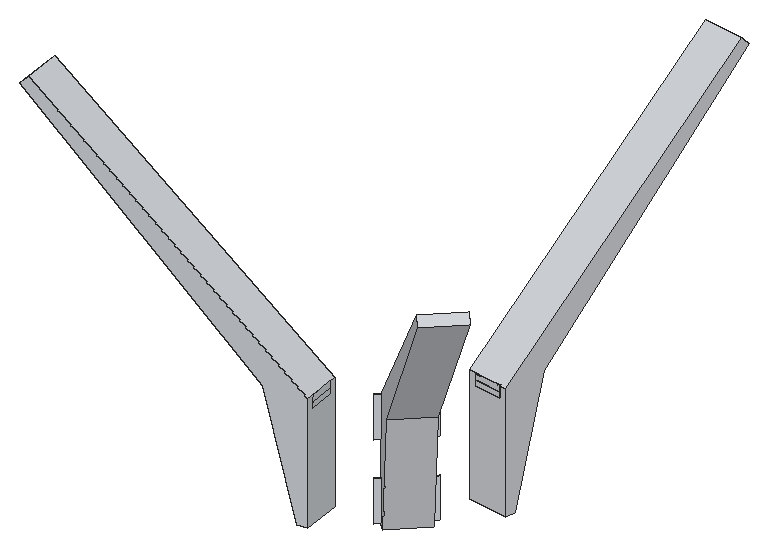
Revit family "Сборка насадок угол 75", category Специальное оборудование, Revit 2019
Family settings
  Размер круглого соединителя = Использовать диаметр
  Тип детали = Нормальный
  На основе рабочей плоскости = Нет
  Всегда вертикально = Да
  При загрузке вырезать с полостями = Нет
  Общий = Да
  Точка расчета площади = Нет
Parameters (values of type "На столбы 40x60")
  Ширина столба = 40 mm
  Центр насадки = Ширина столба / 2  # 20 mm
  Тип крепления насадок к столбам [instance] = 0
  Наружные насадки [instance] = yes
  Инструкция [instance] = "https://docs.google.com/document/d/1YU2zMc4EH5Wo240p8cADVhto8tMNmUbVgzn2qTnmTt8/edit?usp=sharing"
  Группа модели = "Насадки"  # constant formula
  Глубина столба = 60 mm
  ADSK_Наименование = "Сборка - угловые насадки"  # constant formula
Types (5, lengths in mm): name | Ширина столба | Центр насадки | Глубина столба
  (no name) | 40 | 20 | 60
  На столбы 40x60 | 40 | 20 | 60
  На столбы 60x60 | 60 | 30 | 60
  На столбы 60x80 | 60 | 30 | 80
  На столбы 80x80 | 80 | 40 | 80
Reference planes
  plane 1 "По центру (Вперед/Назад)": y = 0
  plane 2: z = 0
  plane 3 "По центру (Влево/Вправо)": x = 0
  plane 4: z = 0
  plane 5: through (38.258, 106.373, 1200) normal (0.9914, -0.1305, 0)
  plane 6: through (-2.271, -24.553, 1200) normal (0.1305, -0.9914, 0)
  plane 7: through (77.916, 101.152, 1200) normal (0.9914, -0.1305, 0)
  plane 8: through (0.82, 31.5, 1200) normal (0.1305, 0.9914, 0)
  plane 9: through (2.95, -64.21, 1200) normal (0.1305, -0.9914, 0)
  plane 10: through (-31.5, -0.82, 1200) normal (0.9914, 0.1305, 0)
  plane 11: y = 109.345
  plane 12: x = 29.345
  plane 13: x = 109
  plane 14: y = 29.345
  plane 15: x = -109.345
  plane 16: y = -29.345
  plane 17: y = -109
  plane 18: x = -29.345
  plane 19: through (8.651, 90.987, 1200) normal (0.1305, 0.9914, 0)
  plane 20: through (-90.987, -8.651, 1200) normal (0.9914, 0.1305, 0)
Dimensions and locks
  "Ширина столба": plane 9 to plane 6
  "Глубина столба": plane 8 to plane 19
  "Ширина столба": plane 5 to plane 7
  "Центр насадки": plane 5 to nested 1
  "Центр насадки": plane 9 to nested 2
  "Центр насадки": nested 16 to plane 5
  "Глубина столба": plane 20 to plane 10
  angle nested 1 to nested 2 = 105.00°
  aligned and locked: level to plane 2
  aligned and locked: nested 6 to nested 2
  aligned and locked: nested 7 to nested 1
  aligned and locked: nested 7 to nested 10  (x2)
  aligned and locked: nested 10 to nested 11  (x2)
  aligned and locked: nested 6 to nested 9
  aligned and locked: nested 8 to nested 9  (x2)
  aligned and locked: nested 9 to nested 17
  aligned and locked: nested 10 to nested 16
  aligned and locked: nested 16 to nested 10  (x2)
  aligned and locked: nested 18 to nested 12
  aligned and locked: nested 1 to plane 19
  aligned and locked: plane 20 to nested 2
  aligned and locked: plane 20 to nested 17
  aligned and locked: nested 16 to plane 19
  aligned and locked: nested 7 to plane 19
  aligned and locked: nested 11 to nested 10
  aligned and locked: nested 9 to nested 2
  aligned and locked: nested 17 to nested 2
Nested families
  nested 1: "В_Насадка L" at (55.591, 84.807, -175) x (0.9914, -0.1305, 0) z (0, 0, 1), visible <- "Наружные насадки", ADSK_Комплект <- "Группа модели", type "Насадка"
    with Насадка L ус 510 yes, ADSK_Обозначение "", ADSK_Наименование "Насадка L ус 510", ADSK_Масса 1.17, ADSK_Комплект "Насадки", ADSK_Код изделия "8928", ADSK_Завод-изготовитель "FENSYS", ADSK_Единица измерения "шт."
  nested 2: "В_Насадка L" at (-84.807, -55.591, -175) x (-0.1305, 0.9914, 0) z (0, 0, 1), visible <- "Наружные насадки", ADSK_Комплект <- "Группа модели", type "Насадка"
    with Насадка L ус 510 yes, ADSK_Обозначение "", ADSK_Наименование "Насадка L ус 510", ADSK_Масса 1.17, ADSK_Комплект "Насадки", ADSK_Код изделия "8928", ADSK_Завод-изготовитель "FENSYS", ADSK_Единица измерения "шт."
  nested 3: "В_Угловая скоба" at (0.707, -0.707, 0) x (0.7071, 0.7071, 0) z (0, 0, 1), ADSK_Комплект <- "Группа модели", type "Угловая скоба"
    with S 79 mm, ADSK_Комплект "Насадки"
  nested 4: "В_Насадка L" at (69.172, 109.345, -175), visible <- "Наружные насадки", ADSK_Комплект <- "Группа модели", type "Насадка", not visible
    with Насадка L ус 510 yes, ADSK_Обозначение "", ADSK_Наименование "Насадка L ус 510", ADSK_Масса 1.17, ADSK_Комплект "Насадки", ADSK_Код изделия "8928", ADSK_Завод-изготовитель "FENSYS", ADSK_Единица измерения "шт."
  nested 5: "В_Насадка L" at (-109.345, -69.172, -175) x (0, 1, 0) z (0, 0, 1), visible <- "Наружные насадки", ADSK_Комплект <- "Группа модели", type "Насадка", not visible
    with Насадка L ус 510 yes, ADSK_Обозначение "", ADSK_Наименование "Насадка L ус 510", ADSK_Масса 1.17, ADSK_Комплект "Насадки", ADSK_Код изделия "8928", ADSK_Завод-изготовитель "FENSYS", ADSK_Единица измерения "шт."
  nested 6: "В_Крепеж" at (-87.285, -55.918, -4.311) x (0.1305, -0.9914, 0) z (0, 0, 1), Тип крепежа <- "Тип крепления насадок к столбам", visible <- "Наружные насадки", ADSK_Комплект <- "Группа модели", type "Крепеж"
    with Ширина столба 0 mm, Тип крепежа 0, Путь к таблице "Таблица крепежей", Видимость метизов yes, Y насадка no, ADSK_Обозначение "Крепеж", ADSK_Наименование "Хомут специальный 80", ADSK_Комплект "Насадки", ADSK_Количество 1, ADSK_Код изделия "15515К"
  nested 7: "В_Крепеж" at (55.918, 87.285, -4.311) x (-0.9914, 0.1305, 0) z (0, 0, 1), Тип крепежа <- "Тип крепления насадок к столбам", visible <- "Наружные насадки", ADSK_Комплект <- "Группа модели", type "Крепеж"
    with Ширина столба 0 mm, Тип крепежа 0, Путь к таблице "Таблица крепежей", Видимость метизов yes, Y насадка no, ADSK_Обозначение "Крепеж", ADSK_Наименование "Хомут специальный 80", ADSK_Комплект "Насадки", ADSK_Количество 1, ADSK_Код изделия "15515К"
  nested 8: "В_Крепеж" at (-97.2, -57.223, -4.311) x (0.1305, -0.9914, 0) z (0, 0, 1), visible <- "Наружные насадки", ADSK_Комплект <- "Группа модели", type "Крепеж"
    with Ширина столба 0 mm, Тип крепежа 5, Путь к таблице "Таблица крепежей", Видимость метизов no, Y насадка no, ADSK_Обозначение "Крепеж", ADSK_Наименование "Комплект крепления СББ/ПББ к насадке (Болт М6х25 DIN 933 оц - 4 шт., Зажим для крепления струны/проволоки - 4 шт., Шайба D6 DIN 125 оц. - 8 шт.,  Гайка М6 кл.8.0 DIN 934 оц. - 4 шт.)", ADSK_Комплект "Насадки", ADSK_Количество 1, ADSK_Код изделия "8927"
  nested 9: "В_Крепеж" at (-92.243, -56.57, -4.311) x (0.1305, -0.9914, 0) z (0, 0, 1), visible <- "Наружные насадки", ADSK_Комплект <- "Группа модели", type "Крепеж"
    with Ширина столба 0 mm, Тип крепежа 5, Путь к таблице "Таблица крепежей", Видимость метизов no, Y насадка no, ADSK_Обозначение "Крепеж", ADSK_Наименование "Комплект крепления СББ/ПББ к насадке (Болт М6х25 DIN 933 оц - 4 шт., Зажим для крепления струны/проволоки - 4 шт., Шайба D6 DIN 125 оц. - 8 шт.,  Гайка М6 кл.8.0 DIN 934 оц. - 4 шт.)", ADSK_Комплект "Насадки", ADSK_Количество 1, ADSK_Код изделия "8927"
  nested 10: "В_Крепеж" at (56.57, 92.243, -4.311) x (-0.9914, 0.1305, 0) z (0, 0, 1), visible <- "Наружные насадки", ADSK_Комплект <- "Группа модели", type "Крепеж"
    with Ширина столба 0 mm, Тип крепежа 5, Путь к таблице "Таблица крепежей", Видимость метизов no, Y насадка no, ADSK_Обозначение "Крепеж", ADSK_Наименование "Комплект крепления СББ/ПББ к насадке (Болт М6х25 DIN 933 оц - 4 шт., Зажим для крепления струны/проволоки - 4 шт., Шайба D6 DIN 125 оц. - 8 шт.,  Гайка М6 кл.8.0 DIN 934 оц. - 4 шт.)", ADSK_Комплект "Насадки", ADSK_Количество 1, ADSK_Код изделия "8927"
  nested 11: "В_Крепеж" at (57.223, 97.2, -4.311) x (-0.9914, 0.1305, 0) z (0, 0, 1), visible <- "Наружные насадки", ADSK_Комплект <- "Группа модели", type "Крепеж"
    with Ширина столба 0 mm, Тип крепежа 5, Путь к таблице "Таблица крепежей", Видимость метизов no, Y насадка no, ADSK_Обозначение "Крепеж", ADSK_Наименование "Комплект крепления СББ/ПББ к насадке (Болт М6х25 DIN 933 оц - 4 шт., Зажим для крепления струны/проволоки - 4 шт., Шайба D6 DIN 125 оц. - 8 шт.,  Гайка М6 кл.8.0 DIN 934 оц. - 4 шт.)", ADSK_Комплект "Насадки", ADSK_Количество 1, ADSK_Код изделия "8927"
  nested 12: "В_Насадка L" at (1.414, -1.414, -175) x (-0.7071, -0.7071, 0) z (0, 0, 1), ADSK_Комплект <- "Группа модели", type "Насадка"
    with Насадка L ус 510 yes, ADSK_Обозначение "", ADSK_Наименование "Насадка L ус 510", ADSK_Масса 1.17, ADSK_Комплект "Насадки", ADSK_Код изделия "8928", ADSK_Завод-изготовитель "FENSYS", ADSK_Единица измерения "шт."
  nested 13: "В_Крепеж" at (10.253, -10.253, -4.311) x (-0.7071, -0.7071, 0) z (0, 0, 1), ADSK_Комплект <- "Группа модели", type "Крепеж"
    with Ширина столба 0 mm, Тип крепежа 5, Путь к таблице "Таблица крепежей", Видимость метизов no, Y насадка no, ADSK_Обозначение "Крепеж", ADSK_Наименование "Комплект крепления СББ/ПББ к насадке (Болт М6х25 DIN 933 оц - 4 шт., Зажим для крепления струны/проволоки - 4 шт., Шайба D6 DIN 125 оц. - 8 шт.,  Гайка М6 кл.8.0 DIN 934 оц. - 4 шт.)", ADSK_Комплект "Насадки", ADSK_Количество 1, ADSK_Код изделия "8927"
  nested 14: "В_Крепеж" at (6.718, -6.718, -4.311) x (-0.7071, -0.7071, 0) z (0, 0, 1), ADSK_Комплект <- "Группа модели", type "Крепеж"
    with Ширина столба 0 mm, Тип крепежа 5, Путь к таблице "Таблица крепежей", Видимость метизов no, Y насадка no, ADSK_Обозначение "Крепеж", ADSK_Наименование "Комплект крепления СББ/ПББ к насадке (Болт М6х25 DIN 933 оц - 4 шт., Зажим для крепления струны/проволоки - 4 шт., Шайба D6 DIN 125 оц. - 8 шт.,  Гайка М6 кл.8.0 DIN 934 оц. - 4 шт.)", ADSK_Комплект "Насадки", ADSK_Количество 1, ADSK_Код изделия "8927"
  nested 15: "В_Метизы" at (-3.035, -3.035, 0) x (0.7071, 0.7071, 0) z (0, 0, 1), ADSK_Комплект <- "Группа модели", type "Метизы"
    with Тип крепежа 6, Путь к таблице "Таблица метизов", ADSK_Наименование "ГАЙКА M8 DIN 934 оц. - 4 шт.", ADSK_Комплект "Насадки", ADSK_Количество 1, ADSK_Код изделия "3562"
  nested 16: "В_Крепеж" at (55.918, 87.285, -12.934) x (-0.9914, 0.1305, 0) z (0, 0, 1), Тип крепежа <- "Тип крепления насадок к столбам", visible <- "Наружные насадки", ADSK_Комплект <- "Группа модели", type "Крепеж"
    with Ширина столба 0 mm, Тип крепежа 0, Путь к таблице "Таблица крепежей", Видимость метизов yes, Y насадка no, ADSK_Обозначение "Крепеж", ADSK_Наименование "Хомут специальный 80", ADSK_Комплект "Насадки", ADSK_Количество 1, ADSK_Код изделия "15515К"
  nested 17: "В_Крепеж" at (-87.285, -55.918, -12.934) x (0.1305, -0.9914, 0) z (0, 0, 1), Тип крепежа <- "Тип крепления насадок к столбам", visible <- "Наружные насадки", ADSK_Комплект <- "Группа модели", type "Крепеж"
    with Ширина столба 0 mm, Тип крепежа 0, Путь к таблице "Таблица крепежей", Видимость метизов yes, Y насадка no, ADSK_Обозначение "Крепеж", ADSK_Наименование "Хомут специальный 80", ADSK_Комплект "Насадки", ADSK_Количество 1, ADSK_Код изделия "15515К"
  nested 18: "В_Угловая скоба" at (0.707, -0.707, -114.266) x (0.7071, 0.7071, 0) z (0, 0, 1), ADSK_Комплект <- "Группа модели", type "Угловая скоба"
    with S 79 mm, ADSK_Комплект "Насадки"
  nested 19: "В_Метизы" at (-3.767, -3.767, 0) x (0.7071, 0.7071, 0) z (0, 0, 1), ADSK_Комплект <- "Группа модели", type "Метизы"
    with Тип крепежа 2, Путь к таблице "Таблица метизов", ADSK_Наименование "Комплект метизов «В» для крепления скобы из нержавеющей стали (Винт М8х30 ISO 7380 А2   - 4 шт., Шайба D8 DIN 125 А2-70 - 4 шт.,Шайба 8 DIN 127 нерж.)", ADSK_Комплект "Насадки", ADSK_Количество 1, ADSK_Код изделия "8923"
  nested 20: "В_Метизы" at (-4.189, -4.189, 0) x (0.7071, 0.7071, 0) z (0, 0, 1), ADSK_Комплект <- "Группа модели", type "Метизы"
    with Тип крепежа 6, Путь к таблице "Таблица метизов", ADSK_Наименование "ГАЙКА M8 DIN 934 оц. - 4 шт.", ADSK_Комплект "Насадки", ADSK_Количество 1, ADSK_Код изделия "3562"
  nested 21: "В_Метизы" at (-8.36, -8.36, 0) x (0.7071, 0.7071, 0) z (0, 0, 1), ADSK_Комплект <- "Группа модели", type "Метизы"
    with Тип крепежа 2, Путь к таблице "Таблица метизов", ADSK_Наименование "Комплект метизов «В» для крепления скобы из нержавеющей стали (Винт М8х30 ISO 7380 А2   - 4 шт., Шайба D8 DIN 125 А2-70 - 4 шт.,Шайба 8 DIN 127 нерж.)", ADSK_Комплект "Насадки", ADSK_Количество 1, ADSK_Код изделия "8923"
  nested 22: "В_Метизы" at (-84.675, -75.746, -4.311) x (0.1305, -0.9914, 0) z (0, 0, 1), type "Метизы"
    with Тип крепежа 0, Путь к таблице "Таблица метизов", ADSK_Наименование "Комплект крепежных элементов для хомута", ADSK_Комплект "Насадки", ADSK_Количество 1, ADSK_Код изделия "8920"
  nested 23: "В_Метизы" at (36.089, 89.896, -4.311) x (-0.9914, 0.1305, 0) z (0, 0, 1), type "Метизы"
    with Тип крепежа 0, Путь к таблице "Таблица метизов", ADSK_Наименование "Комплект крепежных элементов для хомута", ADSK_Комплект "Насадки", ADSK_Количество 1, ADSK_Код изделия "8920"
  nested 24: "В_Метизы" at (36.089, 89.896, -12.934) x (-0.9914, 0.1305, 0) z (0, 0, 1), type "Метизы"
    with Тип крепежа 0, Путь к таблице "Таблица метизов", ADSK_Наименование "Комплект крепежных элементов для хомута", ADSK_Комплект "Насадки", ADSK_Количество 1, ADSK_Код изделия "8920"
  nested 25: "В_Метизы" at (-84.675, -75.746, -12.934) x (0.1305, -0.9914, 0) z (0, 0, 1), type "Метизы"
    with Тип крепежа 0, Путь к таблице "Таблица метизов", ADSK_Наименование "Комплект крепежных элементов для хомута", ADSK_Комплект "Насадки", ADSK_Количество 1, ADSK_Код изделия "8920"
  nested 26: "В_Крепеж" at (89.28, 98.649, -4.311) x (-0.9659, 0.2588, 0) z (0, 0, 1), Тип крепежа <- "Тип крепления насадок к столбам", visible <- "Наружные насадки", ADSK_Комплект <- "Группа модели", type "Крепеж", not visible
    with Ширина столба 0 mm, Тип крепежа 0, Путь к таблице "Таблица крепежей", Видимость метизов yes, Y насадка no, ADSK_Обозначение "Крепеж", ADSK_Наименование "Хомут специальный 80", ADSK_Комплект "Насадки", ADSK_Количество 1, ADSK_Код изделия "15515К"
  nested 27: "В_Крепеж" at (90.574, 103.479, -4.311) x (-0.9659, 0.2588, 0) z (0, 0, 1), visible <- "Наружные насадки", ADSK_Комплект <- "Группа модели", type "Крепеж", not visible
    with Ширина столба 0 mm, Тип крепежа 5, Путь к таблице "Таблица крепежей", Видимость метизов no, Y насадка no, ADSK_Обозначение "Крепеж", ADSK_Наименование "Комплект крепления СББ/ПББ к насадке (Болт М6х25 DIN 933 оц - 4 шт., Зажим для крепления струны/проволоки - 4 шт., Шайба D6 DIN 125 оц. - 8 шт.,  Гайка М6 кл.8.0 DIN 934 оц. - 4 шт.)", ADSK_Комплект "Насадки", ADSK_Количество 1, ADSK_Код изделия "8927"
  nested 28: "В_Крепеж" at (91.868, 108.309, -4.311) x (-0.9659, 0.2588, 0) z (0, 0, 1), visible <- "Наружные насадки", ADSK_Комплект <- "Группа модели", type "Крепеж", not visible
    with Ширина столба 0 mm, Тип крепежа 5, Путь к таблице "Таблица крепежей", Видимость метизов no, Y насадка no, ADSK_Обозначение "Крепеж", ADSK_Наименование "Комплект крепления СББ/ПББ к насадке (Болт М6х25 DIN 933 оц - 4 шт., Зажим для крепления струны/проволоки - 4 шт., Шайба D6 DIN 125 оц. - 8 шт.,  Гайка М6 кл.8.0 DIN 934 оц. - 4 шт.)", ADSK_Комплект "Насадки", ADSK_Количество 1, ADSK_Код изделия "8927"
  nested 29: "В_Крепеж" at (89.28, 98.649, -4.311) x (-0.9659, 0.2588, 0) z (0, 0, 1), Тип крепежа <- "Тип крепления насадок к столбам", visible <- "Наружные насадки", ADSK_Комплект <- "Группа модели", type "Крепеж", not visible
    with Ширина столба 0 mm, Тип крепежа 0, Путь к таблице "Таблица крепежей", Видимость метизов yes, Y насадка no, ADSK_Обозначение "Крепеж", ADSK_Наименование "Хомут специальный 80", ADSK_Комплект "Насадки", ADSK_Количество 1, ADSK_Код изделия "15515К"
  nested 30: "В_Метизы" at (69.961, 103.826, -4.311) x (-0.9659, 0.2588, 0) z (0, 0, 1), type "Метизы", not visible
    with Тип крепежа 0, Путь к таблице "Таблица метизов", ADSK_Наименование "Комплект крепежных элементов для хомута", ADSK_Комплект "Насадки", ADSK_Количество 1, ADSK_Код изделия "8920"
  nested 31: "В_Метизы" at (69.961, 103.826, -4.311) x (-0.9659, 0.2588, 0) z (0, 0, 1), type "Метизы", not visible
    with Тип крепежа 0, Путь к таблице "Таблица метизов", ADSK_Наименование "Комплект крепежных элементов для хомута", ADSK_Комплект "Насадки", ADSK_Количество 1, ADSK_Код изделия "8920"
Definition of nested family "В_Насадка L"
  Parameters (values of type "Насадка")
    Насадка L ус 510 [instance] = no
    URL = "https://www.fensys.ru/produkciya/elementy-usileniya.html"
    ADSK_Обозначение [instance] = ""
    ADSK_Наименование [instance] = if(Насадка L ус 510, "Насадка L ус 510", "Насадка L ус 325")  # "Насадка L ус 325"
    ADSK_Масса [instance] = if(Насадка L ус 510, 1.17, 0.82)  # 0.82
    ADSK_Комплект [instance] = ""
    ADSK_Количество = 1
    ADSK_Код изделия [instance] = if(Насадка L ус 510, "8928", "8938")  # "8938"
    ADSK_Завод-изготовитель [instance] = "FENSYS"  # constant formula
    ADSK_Единица измерения [instance] = "шт."  # constant formula
  Reference planes
    plane 1 "По центру (Вперед/Назад)": y = 0
    plane 2: z = 0
    plane 3 "По центру (Влево/Вправо)": x = 0
  Forms (mm)
    Extrusion 1, solid
      sketch origin (0, 0, 0) x (0, 1, 0) y (0, 0, 1)
        loop
          line (0, 0) -> (15, 0) -> (61.891, 175) -> (398.002, 488.686) -> (386.689, 500) -> (0, 175) -> (0, 0)
      from -30.5 to 30.5
  Dimensions and locks
    Extrusion 1 sketch curve to Extrusion 1 sketch curve = 175 mm
    Extrusion 1 sketch curve to Extrusion 1 sketch curve = 15 mm
    equal spacing: Extrusion 1, plane 3 "По центру (Влево/Вправо)", Extrusion 1
    locked: Extrusion 1 to Extrusion 1 at 61
    aligned and locked: level to plane 2
    aligned and locked: plane 1 "По центру (Вперед/Назад)" to Extrusion 1  (x2)
    aligned and locked: Extrusion 1 to level
  Automatic sketch dimensions
    Extrusion 1 sketch curve to plane 1 "По центру (Вперед/Назад)" = 0 mm
    Extrusion 1 sketch curve to level = 0 mm
    Extrusion 1 sketch curve to plane 1 "По центру (Вперед/Назад)" = 61.891 mm
    Extrusion 1 sketch curve to Extrusion 1 sketch curve = 0 mm
    Extrusion 1 sketch curve to Extrusion 1 sketch curve = 325 mm
    Extrusion 1 sketch curve to Extrusion 1 sketch curve = 11.314 mm  (x2)
    Extrusion 1 sketch curve to plane 1 "По центру (Вперед/Назад)" = 386.689 mm
Definition of nested family "В_Угловая скоба"
  Parameters (values of type "Угловая скоба")
    Model = ""
    S [instance] = 83 mm
    ADSK_Обозначение = "Крепеж окрашеный"  # constant formula
    ADSK_Наименование = "Скоба угловая для крепления насадки"  # constant formula
    ADSK_Комплект [instance] = ""
    ADSK_Количество = 1
    ADSK_Код изделия = "15293"  # constant formula
    ADSK_Завод-изготовитель = "FENSYS"  # constant formula
    ADSK_Единица измерения = "шт."  # constant formula
  Reference planes
    plane 1 "По центру (Вперед/Назад)": y = 0
    plane 2: z = 0
    plane 3 "По центру (Влево/Вправо)": x = 0
  Forms (mm)
    Extrusion 1, solid
      sketch origin (0, 0, 0) x (1, 0, 0) y (0, 1, 0)
        loop
          line (-41.5, 1) -> (-41.5, -1) -> (41.5, -1) -> (41.5, 1) -> (-41.5, 1)
      from -60.734 to 0
  Dimensions and locks
    equal spacing: Extrusion 1, plane 3 "По центру (Влево/Вправо)", Extrusion 1
    "S": Extrusion 1 to Extrusion 1
    aligned and locked: level to plane 2
  Automatic sketch dimensions
    Extrusion 1 sketch curve to plane 1 "По центру (Вперед/Назад)" = 1 mm
    Extrusion 1 sketch curve to plane 3 "По центру (Влево/Вправо)" = 41.5 mm
    plane 3 "По центру (Влево/Вправо)" to Extrusion 1 sketch curve = 41.5 mm
    plane 1 "По центру (Вперед/Назад)" to Extrusion 1 sketch curve = 1 mm
Definition of nested family "В_Крепеж"
  Parameters (values of type "Крепеж")
    Ширина столба [instance] = 0 mm
    Тип крепежа [instance] = 0
    Путь к таблице [instance] = "Таблица крепежей"  # constant formula
    Manufacturer = [ADSK_Завод-изготовитель]  # "FENSYS"
    Model = ""
    Видимость метизов [instance] = not(Тип крепежа = 5)  # yes
    Y насадка [instance] = yes
    URL = "https://www.fensys.ru/produkciya/krepyozh.html"
    ADSK_Обозначение [instance] = "Крепеж"  # constant formula
    ADSK_Наименование [instance] = size_lookup(Путь к таблице, "", "Не найдено", Тип крепежа)  # "Хомут специальный 80"
    ADSK_Комплект [instance] = ""
    ADSK_Количество [instance] = 1  # constant formula
    ADSK_Код изделия [instance] = size_lookup(Путь к таблице, "ADSK_Код изделия", "Не найдено", Тип крепежа)  # "15515К"
    ADSK_Завод-изготовитель = "FENSYS"  # constant formula
    ADSK_Единица измерения = "шт."  # constant formula
  Reference planes
    plane 1 "По центру (Вперед/Назад)": y = 0
    plane 2: z = 0
    plane 3 "По центру (Влево/Вправо)": x = 0
    plane 4: z = 0
  Forms (mm)
    Extrusion 1, solid
      sketch origin (0, -3, 0) x (1, 0, 0) y (0, 1, 0)
        loop
          line (-20, 5.5) -> (-20, 0.5) -> (20, 0.5) -> (20, 5.5) -> (-20, 5.5)
      from -4.311 to 4.311
  Dimensions and locks
    locked: Extrusion 1 sketch curve to Extrusion 1 sketch curve at 5
    locked: Extrusion 1 sketch curve to Extrusion 1 sketch curve at 40
    aligned and locked: level to plane 2
  Nested families
    nested 1: "В_Метизы" at (20, 0, 0), Тип крепежа <- "Тип крепежа", ADSK_Комплект <- "ADSK_Комплект", visible <- "Видимость метизов", type "Метизы"
      with Тип крепежа 0, Путь к таблице "Таблица метизов", ADSK_Наименование "Комплект крепежных элементов для хомута", ADSK_Комплект "", ADSK_Количество 1, ADSK_Код изделия "8920"
    nested 2: "В_Метизы" at (-20, 0, 0), visible <- "Y насадка", Тип крепежа <- "Тип крепежа", ADSK_Комплект <- "ADSK_Комплект", type "Метизы"
      with Тип крепежа 0, Путь к таблице "Таблица метизов", ADSK_Наименование "Комплект крепежных элементов для хомута", ADSK_Комплект "", ADSK_Количество 1, ADSK_Код изделия "8920"
  Definition of nested family "В_Метизы"
    Parameters (values of type "Метизы")
      Тип крепежа [instance] = 1
      Путь к таблице [instance] = "Таблица метизов"  # constant formula
      Manufacturer = [ADSK_Завод-изготовитель]  # "FENSYS"
      URL = "https://www.fensys.ru/produkciya/krepyozh.html"
      ADSK_Наименование [instance] = size_lookup(Путь к таблице, "", "Не найдено", Тип крепежа)  # "Комплект метизов «В» для крепления скобы F24 (Винт М6х30 ISO 7380 А2 - 4 шт., Шайба D6 DIN 125 А2 - 4 шт.,Шайба 6 DIN 127 А2 - 4 шт.)"
      ADSK_Комплект [instance] = "Ограждение"
      ADSK_Количество [instance] = 1  # constant formula
      ADSK_Код изделия [instance] = size_lookup(Путь к таблице, "ADSK_Код изделия", "Не найдено", Тип крепежа)  # "8932"
      ADSK_Завод-изготовитель = "FENSYS"  # constant formula
      ADSK_Единица измерения = "шт."  # constant formula
    Reference planes
      plane 1 "По центру (Вперед/Назад)": y = 0
      plane 2: z = 0
      plane 3 "По центру (Влево/Вправо)": x = 0
      plane 4: z = 0
    Lines and regions (mm)
      reference lines
        curve 1: circle (0, 0, 0) r 0.299 normal (0, -1, 0)
      model lines
        curve 2: circle (0, 0, 0) r 0.3 normal (0, -1, 0)
    Dimensions and locks
      aligned and locked: level to plane 2
Definition of nested family "В_Метизы"
  Parameters (values of type "Метизы")
    Тип крепежа [instance] = 1
    Путь к таблице [instance] = "Таблица метизов"  # constant formula
    Manufacturer = [ADSK_Завод-изготовитель]  # "FENSYS"
    URL = "https://www.fensys.ru/produkciya/krepyozh.html"
    ADSK_Наименование [instance] = size_lookup(Путь к таблице, "", "Не найдено", Тип крепежа)  # "Комплект метизов «В» для крепления скобы F24 (Винт М6х30 ISO 7380 А2 - 4 шт., Шайба D6 DIN 125 А2 - 4 шт.,Шайба 6 DIN 127 А2 - 4 шт.)"
    ADSK_Комплект [instance] = "Ограждение"
    ADSK_Количество [instance] = 1  # constant formula
    ADSK_Код изделия [instance] = size_lookup(Путь к таблице, "ADSK_Код изделия", "Не найдено", Тип крепежа)  # "8932"
    ADSK_Завод-изготовитель = "FENSYS"  # constant formula
    ADSK_Единица измерения = "шт."  # constant formula
  Reference planes
    plane 1 "По центру (Вперед/Назад)": y = 0
    plane 2: z = 0
    plane 3 "По центру (Влево/Вправо)": x = 0
    plane 4: z = 0
  Lines and regions (mm)
    reference lines
      curve 1: circle (0, 0, 0) r 0.299 normal (0, -1, 0)
    model lines
      curve 2: circle (0, 0, 0) r 0.3 normal (0, -1, 0)
  Dimensions and locks
    aligned and locked: level to plane 2
